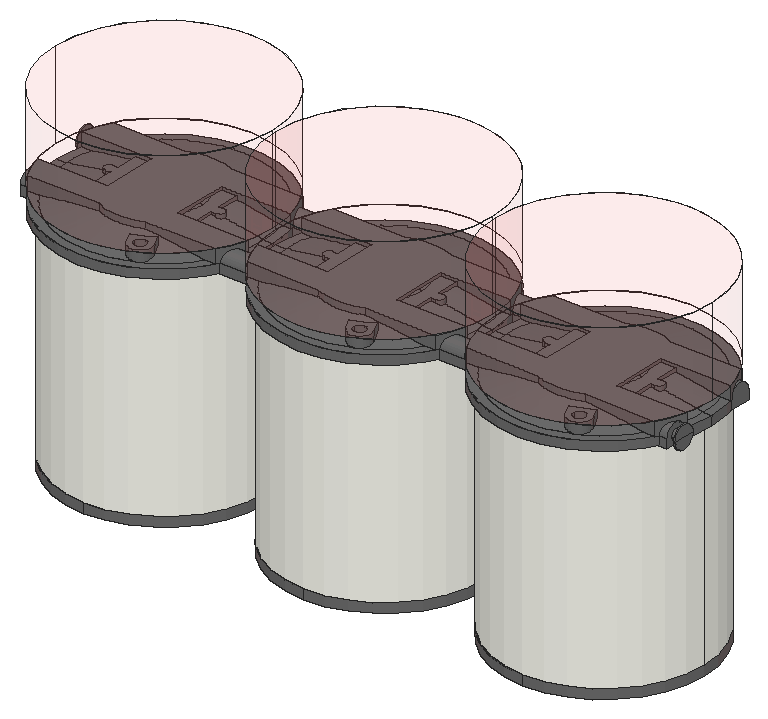
Revit family (continued)
Definition of nested family "Cooling_Plant_Accessories-Calmac-IceBank-Lid_C"
  Dimensions and locks (in)
    "Insulation Length Right": plane 3 "Center (Left/Right)" to plane 60 "Insulation - Right"
    locked: plane 62 "Flange Left" to plane 29 "Left" at 1.69899
    radius of Extrusion 4 sketch curve = 2 15/32"
    radius of Extrusion 4 sketch curve = 31.11"
    radius of Extrusion 4 sketch curve = 4.66"
    aligned and locked: plane 37 "Right" to Revolve 1 sketch curve
    aligned and locked: Revolve 1 sketch curve to plane 3 "Center (Left/Right)"  (x2)
    aligned and locked: plane 38 "Lid Inset Right" to Revolve 1 sketch curve
    aligned and locked: plane 43 "Top Right" to Revolve 1 sketch curve
    aligned and locked: Revolve 1 sketch curve to plane 2 "Bottom"
    aligned and locked: plane 2 "Bottom" to Revolve 1 sketch curve
    aligned and locked: Extrusion 2 sketch curve to plane 8 "Piping Back"  (x2)
    aligned and locked: Extrusion 2 sketch curve to plane 9 "Rigging Back"
    aligned and locked: plane 19 "Rigging Front" to Extrusion 2 sketch curve  (x2)
    aligned and locked: plane 18 "Piping Front" to Extrusion 2 sketch curve  (x2)
    aligned and locked: plane 1 "Center (Front/Back)" to Extrusion 2 sketch curve
    aligned and locked: plane 3 "Center (Left/Right)" to Extrusion 2 sketch curve  (x2)
    aligned and locked: Extrusion 2 sketch curve to plane 34 "Left Rigging Right"
    aligned and locked: plane 42 "Right Rigging Left" to Extrusion 2 sketch curve
    aligned and locked: plane 35 "Top Left" to Extrusion 2 sketch curve
    aligned and locked: plane 43 "Top Right" to Extrusion 2 sketch curve
    aligned and locked: plane 5 "Back Connector Back" to Extrusion 3 sketch curve
    aligned and locked: plane 17 "Front Connector Back" to Extrusion 3 sketch curve
    aligned and locked: plane 15 "Front Connection Front" to Extrusion 3 sketch curve
    aligned and locked: Extrusion 3 sketch curve to plane 17 "Front Connector Back"
    aligned and locked: Extrusion 3 sketch curve to plane 15 "Front Connection Front"
    aligned and locked: plane 2 "Bottom" to Extrusion 3 sketch curve  (x2)
    aligned: Extrusion 3 to plane 45 "Connection Sleeve Right"
    aligned: Extrusion 3 to plane 44 "Connection Sleeve Left"
    aligned and locked: Extrusion 5 sketch curve to plane 33 "Left Rigging Loop Right"  (x2)
    aligned and locked: Extrusion 5 sketch curve to plane 34 "Left Rigging Right"
    aligned and locked: Extrusion 5 sketch curve to plane 9 "Rigging Back"
    aligned and locked: plane 19 "Rigging Front" to Extrusion 5 sketch curve  (x2)
    aligned and locked: Extrusion 5 sketch curve to plane 10 "Rigging Loop Back"  (x2)
    aligned and locked: plane 20 "Rigging Loop Front" to Extrusion 5 sketch curve  (x2)
    aligned and locked: plane 42 "Right Rigging Left" to Extrusion 5 sketch curve
    aligned and locked: plane 41 "Right Rigging Loop Left" to Extrusion 5 sketch curve  (x2)
    aligned and locked: Masking region 1 sketch curve to plane 2 "Bottom"
    aligned and locked: Masking region 1 sketch curve to plane 29 "Left"
    aligned and locked: plane 37 "Right" to Masking region 1 sketch curve
    aligned and locked: plane 4 "Back" to Masking region 2 sketch curve
    aligned and locked: plane 2 "Bottom" to Masking region 2 sketch curve
    aligned and locked: Masking region 2 sketch curve to plane 14 "Front"
    aligned and locked: plane 11 "Top Back Edge" to Masking region 2 sketch curve  (x2)
    aligned and locked: Masking region 2 sketch curve to plane 21 "Top Front Edge"
    aligned and locked: plane 12 "Back Inset" to Masking region 2 sketch curve
    aligned and locked: plane 21 "Top Front Edge" to Masking region 2 sketch curve
    aligned and locked: Masking region 2 sketch curve to Masking region 2 sketch curve
    aligned and locked: plane 22 "Front Inset" to Masking region 2 sketch curve
    aligned and locked: curve 73 to Extrusion 3
    aligned and locked: plane 8 "Piping Back" to cut or joined group of Revolve 1, Extrusion 2, Extrusion 4, Extrusion 5
    aligned and locked: curve 79 to cut or joined group of Revolve 1, Extrusion 2, Extrusion 4, Extrusion 5
    aligned and locked: curve 83 to cut or joined group of Revolve 1, Extrusion 2, Extrusion 4, Extrusion 5
    aligned and locked: cut or joined group of Revolve 1, Extrusion 2, Extrusion 4, Extrusion 5 to curve 87
    aligned and locked: curve 88 to Extrusion 3
    aligned and locked: curve 89 to Extrusion 3
    aligned and locked: curve 91 to Masking region 2
    aligned and locked: cut or joined group of Revolve 1, Extrusion 2, Extrusion 4, Extrusion 5 to curve 96
    aligned and locked: curve 97 to cut or joined group of Revolve 1, Extrusion 2, Extrusion 4, Extrusion 5
    aligned and locked: cut or joined group of Revolve 1, Extrusion 2, Extrusion 4, Extrusion 5 to curve 99
    aligned and locked: curve 100 to cut or joined group of Revolve 1, Extrusion 2, Extrusion 4, Extrusion 5
    aligned and locked: curve 101 to cut or joined group of Revolve 1, Extrusion 2, Extrusion 4, Extrusion 5
    aligned and locked: cut or joined group of Revolve 1, Extrusion 2, Extrusion 4, Extrusion 5 to curve 102
    aligned and locked: cut or joined group of Revolve 1, Extrusion 2, Extrusion 4, Extrusion 5 to curve 109
    aligned and locked: curve 110 to cut or joined group of Revolve 1, Extrusion 2, Extrusion 4, Extrusion 5
    aligned and locked: curve 111 to cut or joined group of Revolve 1, Extrusion 2, Extrusion 4, Extrusion 5
    aligned and locked: curve 112 to cut or joined group of Revolve 1, Extrusion 2, Extrusion 4, Extrusion 5
    aligned and locked: curve 113 to cut or joined group of Revolve 1, Extrusion 2, Extrusion 4, Extrusion 5
    aligned and locked: curve 114 to cut or joined group of Revolve 1, Extrusion 2, Extrusion 4, Extrusion 5
    aligned and locked: curve 115 to cut or joined group of Revolve 1, Extrusion 2, Extrusion 4, Extrusion 5
    aligned and locked: curve 116 to cut or joined group of Revolve 1, Extrusion 2, Extrusion 4, Extrusion 5
    aligned and locked: curve 117 to cut or joined group of Revolve 1, Extrusion 2, Extrusion 4, Extrusion 5
    aligned and locked: curve 118 to cut or joined group of Revolve 1, Extrusion 2, Extrusion 4, Extrusion 5
    aligned and locked: curve 119 to cut or joined group of Revolve 1, Extrusion 2, Extrusion 4, Extrusion 5
    aligned and locked: curve 120 to cut or joined group of Revolve 1, Extrusion 2, Extrusion 4, Extrusion 5
    aligned and locked: curve 121 to cut or joined group of Revolve 1, Extrusion 2, Extrusion 4, Extrusion 5
    aligned and locked: curve 122 to cut or joined group of Revolve 1, Extrusion 2, Extrusion 4, Extrusion 5
    aligned and locked: curve 123 to cut or joined group of Revolve 1, Extrusion 2, Extrusion 4, Extrusion 5
    aligned and locked: curve 124 to cut or joined group of Revolve 1, Extrusion 2, Extrusion 4, Extrusion 5
    aligned and locked: curve 125 to cut or joined group of Revolve 1, Extrusion 2, Extrusion 4, Extrusion 5
    aligned and locked: curve 126 to cut or joined group of Revolve 1, Extrusion 2, Extrusion 4, Extrusion 5
    aligned and locked: curve 127 to cut or joined group of Revolve 1, Extrusion 2, Extrusion 4, Extrusion 5
    aligned and locked: curve 128 to cut or joined group of Revolve 1, Extrusion 2, Extrusion 4, Extrusion 5
    aligned and locked: curve 129 to cut or joined group of Revolve 1, Extrusion 2, Extrusion 4, Extrusion 5
    aligned and locked: curve 130 to cut or joined group of Revolve 1, Extrusion 2, Extrusion 4, Extrusion 5
    aligned and locked: curve 131 to cut or joined group of Revolve 1, Extrusion 2, Extrusion 4, Extrusion 5
    aligned and locked: curve 132 to cut or joined group of Revolve 1, Extrusion 2, Extrusion 4, Extrusion 5
    aligned and locked: curve 133 to cut or joined group of Revolve 1, Extrusion 2, Extrusion 4, Extrusion 5
    aligned and locked: curve 134 to cut or joined group of Revolve 1, Extrusion 2, Extrusion 4, Extrusion 5
    aligned and locked: curve 135 to cut or joined group of Revolve 1, Extrusion 2, Extrusion 4, Extrusion 5
    aligned and locked: curve 136 to cut or joined group of Revolve 1, Extrusion 2, Extrusion 4, Extrusion 5
    aligned and locked: curve 137 to cut or joined group of Revolve 1, Extrusion 2, Extrusion 4, Extrusion 5
    aligned and locked: curve 138 to cut or joined group of Revolve 1, Extrusion 2, Extrusion 4, Extrusion 5
    aligned and locked: cut or joined group of Revolve 1, Extrusion 2, Extrusion 4, Extrusion 5 to curve 139
    aligned and locked: curve 140 to cut or joined group of Revolve 1, Extrusion 2, Extrusion 4, Extrusion 5
    aligned and locked: curve 141 to cut or joined group of Revolve 1, Extrusion 2, Extrusion 4, Extrusion 5
    aligned and locked: cut or joined group of Revolve 1, Extrusion 2, Extrusion 4, Extrusion 5 to curve 142
    aligned and locked: curve 143 to cut or joined group of Revolve 1, Extrusion 2, Extrusion 4, Extrusion 5
    aligned and locked: curve 144 to cut or joined group of Revolve 1, Extrusion 2, Extrusion 4, Extrusion 5
    aligned and locked: curve 145 to cut or joined group of Revolve 1, Extrusion 2, Extrusion 4, Extrusion 5
    aligned and locked: curve 146 to cut or joined group of Revolve 1, Extrusion 2, Extrusion 4, Extrusion 5
    aligned and locked: curve 147 to cut or joined group of Revolve 1, Extrusion 2, Extrusion 4, Extrusion 5
    aligned and locked: curve 148 to cut or joined group of Revolve 1, Extrusion 2, Extrusion 4, Extrusion 5
    aligned and locked: curve 149 to cut or joined group of Revolve 1, Extrusion 2, Extrusion 4, Extrusion 5
    aligned and locked: curve 150 to cut or joined group of Revolve 1, Extrusion 2, Extrusion 4, Extrusion 5
    aligned and locked: curve 151 to cut or joined group of Revolve 1, Extrusion 2, Extrusion 4, Extrusion 5
    aligned and locked: curve 152 to cut or joined group of Revolve 1, Extrusion 2, Extrusion 4, Extrusion 5
    aligned and locked: curve 153 to cut or joined group of Revolve 1, Extrusion 2, Extrusion 4, Extrusion 5
    aligned and locked: curve 154 to cut or joined group of Revolve 1, Extrusion 2, Extrusion 4, Extrusion 5
    aligned and locked: curve 117 to curve 155
    aligned and locked: plane 19 "Rigging Front" to curve 156
    aligned and locked: plane 9 "Rigging Back" to curve 156
    aligned and locked: curve 111 to curve 157
    aligned and locked: plane 19 "Rigging Front" to curve 158
    aligned and locked: plane 9 "Rigging Back" to curve 158
    aligned and locked: plane 8 "Piping Back" to curve 157  (x2)
    aligned and locked: curve 159 to cut or joined group of Revolve 1, Extrusion 2, Extrusion 4, Extrusion 5
    aligned and locked: curve 160 to cut or joined group of Revolve 1, Extrusion 2, Extrusion 4, Extrusion 5
    aligned and locked: curve 161 to curve 159
    aligned and locked: curve 162 to curve 160
    aligned and locked: curve 163 to cut or joined group of Revolve 1, Extrusion 2, Extrusion 4, Extrusion 5
    aligned and locked: curve 164 to cut or joined group of Revolve 1, Extrusion 2, Extrusion 4, Extrusion 5
    aligned and locked: curve 165 to cut or joined group of Revolve 1, Extrusion 2, Extrusion 4, Extrusion 5
    aligned and locked: curve 166 to cut or joined group of Revolve 1, Extrusion 2, Extrusion 4, Extrusion 5
    aligned and locked: curve 167 to cut or joined group of Revolve 1, Extrusion 2, Extrusion 4, Extrusion 5
    aligned and locked: curve 168 to cut or joined group of Revolve 1, Extrusion 2, Extrusion 4, Extrusion 5
    aligned and locked: curve 169 to cut or joined group of Revolve 1, Extrusion 2, Extrusion 4, Extrusion 5
    aligned and locked: curve 170 to cut or joined group of Revolve 1, Extrusion 2, Extrusion 4, Extrusion 5
    aligned and locked: cut or joined group of Revolve 1, Extrusion 2, Extrusion 4, Extrusion 5 to curve 171
    aligned and locked: curve 172 to cut or joined group of Revolve 1, Extrusion 2, Extrusion 4, Extrusion 5
    aligned and locked: curve 173 to cut or joined group of Revolve 1, Extrusion 2, Extrusion 4, Extrusion 5
    aligned and locked: curve 174 to cut or joined group of Revolve 1, Extrusion 2, Extrusion 4, Extrusion 5
    aligned and locked: curve 175 to cut or joined group of Revolve 1, Extrusion 2, Extrusion 4, Extrusion 5
    aligned and locked: curve 176 to cut or joined group of Revolve 1, Extrusion 2, Extrusion 4, Extrusion 5
    aligned and locked: curve 177 to cut or joined group of Revolve 1, Extrusion 2, Extrusion 4, Extrusion 5
    aligned and locked: curve 178 to cut or joined group of Revolve 1, Extrusion 2, Extrusion 4, Extrusion 5
    aligned and locked: curve 179 to cut or joined group of Revolve 1, Extrusion 2, Extrusion 4, Extrusion 5
    aligned and locked: curve 180 to cut or joined group of Revolve 1, Extrusion 2, Extrusion 4, Extrusion 5
    aligned and locked: cut or joined group of Revolve 1, Extrusion 2, Extrusion 4, Extrusion 5 to curve 181
    aligned and locked: cut or joined group of Revolve 1, Extrusion 2, Extrusion 4, Extrusion 5 to curve 182
    aligned and locked: cut or joined group of Revolve 1, Extrusion 2, Extrusion 4, Extrusion 5 to curve 183
    aligned and locked: cut or joined group of Revolve 1, Extrusion 2, Extrusion 4, Extrusion 5 to curve 184
    aligned and locked: curve 185 to cut or joined group of Revolve 1, Extrusion 2, Extrusion 4, Extrusion 5
    aligned and locked: cut or joined group of Revolve 1, Extrusion 2, Extrusion 4, Extrusion 5 to curve 186
    aligned and locked: curve 187 to cut or joined group of Revolve 1, Extrusion 2, Extrusion 4, Extrusion 5
    aligned and locked: cut or joined group of Revolve 1, Extrusion 2, Extrusion 4, Extrusion 5 to curve 188
    aligned and locked: plane 6 "Back Connector Center" to nested 4
    aligned: nested 4 to plane 44 "Connection Sleeve Left"
    aligned and locked: nested 1 to plane 6 "Back Connector Center"
    aligned: nested 1 to plane 45 "Connection Sleeve Right"
    aligned and locked: plane 16 "Fron Connector Center" to nested 2
    aligned: nested 2 to plane 45 "Connection Sleeve Right"
    aligned and locked: nested 3 to plane 16 "Fron Connector Center"
    aligned: nested 3 to plane 44 "Connection Sleeve Left"
    aligned and locked: plane 2 "Bottom" to curve 191
    aligned and locked: plane 1 "Center (Front/Back)" to curve 191
    aligned and locked: plane 3 "Center (Left/Right)" to nested 5
    aligned and locked: plane 1 "Center (Front/Back)" to nested 5
    aligned: plane 54 "Top of Clearance Box" to nested 5
    aligned: plane 55 "Top" to nested 5  (x4)
    aligned and locked: Masking region 1 to plane 55 "Top"
    aligned and locked: plane 57 "Center (Elevation)" to Extrusion 3 sketch curve  (x4)
    aligned and locked: plane 7 "Back Connector Front" to Extrusion 3 sketch curve
    aligned and locked: plane 55 "Top" to cut or joined group of Revolve 1, Extrusion 2, Extrusion 4, Extrusion 5
    aligned and locked: plane 57 "Center (Elevation)" to curve 162
    aligned and locked: cut or joined group of Revolve 1, Extrusion 2, Extrusion 4, Extrusion 5 to plane 57 "Center (Elevation)"
    aligned: plane 57 "Center (Elevation)" to nested 1  (x2)
    aligned: plane 57 "Center (Elevation)" to nested 2  (x2)
    aligned and locked: plane 57 "Center (Elevation)" to cut or joined group of Revolve 1, Extrusion 2, Extrusion 4, Extrusion 5  (x5)
    aligned and locked: curve 161 to plane 57 "Center (Elevation)"
    aligned: plane 57 "Center (Elevation)" to nested 3
    aligned: Masking region 2 to plane 55 "Top"
    aligned: plane 56 "Connector Channel Top" to Masking region 2
    aligned and locked: plane 21 "Top Front Edge" to Masking region 2
    aligned and locked: plane 58 "Front Inset 2" to Masking region 2
    aligned and locked: plane 57 "Center (Elevation)" to curve 78
    aligned and locked: curve 163 to plane 57 "Center (Elevation)"
    aligned and locked: curve 77 to plane 8 "Piping Back"
    aligned and locked: plane 9 "Rigging Back" to curve 86
    aligned and locked: plane 19 "Rigging Front" to curve 80
    aligned and locked: curve 95 to plane 18 "Piping Front"
    aligned and locked: curve 84 to plane 10 "Rigging Loop Back"
    aligned and locked: curve 82 to plane 20 "Rigging Loop Front"
    aligned and locked: cut or joined group of Revolve 1, Extrusion 2, Extrusion 4, Extrusion 5 to plane 56 "Connector Channel Top"
    aligned and locked: nested 5 to plane 54 "Top of Clearance Box"
    aligned and locked: plane 57 "Center (Elevation)" to nested 1
    aligned and locked: plane 57 "Center (Elevation)" to nested 2
    aligned and locked: plane 57 "Center (Elevation)" to nested 3
    aligned and locked: plane 55 "Top" to nested 5  (x6)
    aligned and locked: plane 54 "Top of Clearance Box" to nested 5  (x4)
    aligned and locked: Masking region 2 sketch curve to plane 55 "Top"
    aligned and locked: plane 56 "Connector Channel Top" to Masking region 2 sketch curve
    aligned and locked: curve 192 to curve 177
    aligned and locked: curve 193 to curve 176
    aligned and locked: curve 194 to curve 175
    aligned and locked: curve 195 to curve 174
    aligned and locked: curve 196 to curve 173
    aligned and locked: curve 197 to curve 172
    aligned and locked: curve 198 to curve 171
    aligned and locked: curve 199 to curve 170
    aligned and locked: curve 200 to curve 169
    aligned and locked: curve 201 to curve 180
    aligned and locked: curve 202 to curve 179
    aligned and locked: curve 203 to curve 178
    aligned and locked: curve 204 to curve 162
    aligned and locked: curve 205 to curve 161
    aligned and locked: Extrusion 3 to plane 60 "Insulation - Right"
    aligned and locked: Extrusion 3 to plane 61 "Insulation - Left"
    aligned and locked: plane 7 "Back Connector Front" to Masking region 4 sketch curve
    aligned and locked: Masking region 4 sketch curve to plane 5 "Back Connector Back"
    aligned and locked: plane 17 "Front Connector Back" to Masking region 4 sketch curve
    aligned and locked: Masking region 4 sketch curve to plane 15 "Front Connection Front"
    aligned and locked: plane 61 "Insulation - Left" to Masking region 4 sketch curve  (x2)
    aligned and locked: plane 60 "Insulation - Right" to Masking region 4 sketch curve  (x2)
    aligned and locked: nested 4 to plane 61 "Insulation - Left"
    aligned and locked: nested 3 to plane 61 "Insulation - Left"
    aligned and locked: nested 1 to plane 60 "Insulation - Right"
    aligned and locked: nested 2 to plane 60 "Insulation - Right"
    aligned and locked: plane 61 "Insulation - Left" to Masking region 5 sketch curve
    aligned and locked: plane 56 "Connector Channel Top" to Masking region 5 sketch curve
    aligned and locked: plane 2 "Bottom" to Masking region 5 sketch curve
    aligned and locked: plane 60 "Insulation - Right" to Masking region 5 sketch curve
    aligned and locked: plane 2 "Bottom" to curve 213
    aligned and locked: curve 213 to plane 60 "Insulation - Right"
    aligned and locked: curve 208 to plane 61 "Insulation - Left"
    aligned and locked: plane 2 "Bottom" to curve 208
    aligned and locked: plane 62 "Flange Left" to nested 4
  Automatic sketch dimensions
    Extrusion 4 sketch curve to Extrusion 4 sketch curve = 0"
    Extrusion 5 sketch curve to plane 9 "Rigging Back" = 0"
    Extrusion 2 sketch curve to Extrusion 2 sketch curve = 0"  (x5)
    Extrusion 2 sketch curve to plane 35 "Top Left" = 0"
    Extrusion 2 sketch curve to plane 3 "Center (Left/Right)" = 0"
    Extrusion 2 sketch curve to plane 9 "Rigging Back" = 0"
    plane 30 "Left Lip Inset" to Extrusion 2 sketch curve = 1.96722"  (x2)
    plane 38 "Lid Inset Right" to Extrusion 2 sketch curve = 1.96722"  (x2)
    Extrusion 2 sketch curve to plane 20 "Rigging Loop Front" = 0.60261"
    Extrusion 2 sketch curve to plane 10 "Rigging Loop Back" = 0.60261"
    Masking region 2 sketch curve to plane 27 "Pad Eye Front Center" = 0.69072"
    Revolve 1 sketch curve to Revolve 1 sketch curve = 3 3/4"
    Revolve 1 sketch curve to Revolve 1 sketch curve = 9"
    Revolve 1 sketch curve to Revolve 1 sketch curve = 0"
    Masking region 1 sketch curve to Masking region 1 sketch curve = 9 1/4"
    Masking region 2 sketch curve to plane 22 "Front Inset" = 0"
    Masking region 2 sketch curve to Masking region 2 sketch curve = 3 3/4"
    Masking region 2 sketch curve to Masking region 2 sketch curve = 0.64281"
    level to Masking region 2 sketch curve = 6.26888"
    level to Masking region 2 sketch curve = 6.54801"
    Masking region 2 sketch curve to Masking region 2 sketch curve = 0.27913"
    Masking region 2 sketch curve to Masking region 2 sketch curve = 3.60719"
    curve 99 to plane 50 "Top Left Inset" = 0"
    curve 98 to plane 3 "Center (Left/Right)" = 0"
    curve 100 to plane 56 "Connector Channel Top" = 0"
    plane 43 "Top Right" to curve 102 = 0"
    plane 51 "Top Right Inset" to curve 109 = 0"
    curve 99 to plane 55 "Top" = 0"
    curve 109 to plane 55 "Top" = 0"
    plane 50 "Top Left Inset" to curve 110 = 4.45635"
    curve 98 to plane 32 "Left Rigging Loop Inset" = 1.17979"
    plane 35 "Top Left" to curve 98 = 0"
    plane 43 "Top Right" to curve 98 = 0.20898"
    plane 57 "Center (Elevation)" to curve 105 = 0.73854"
    curve 105 to plane 43 "Top Right" = 2.02375"
    plane 46 "Right Center" to curve 105 = 0.99812"
    plane 46 "Right Center" to curve 105 = 0.88046"
    curve 107 to plane 46 "Right Center" = 0.34333"
    plane 41 "Right Rigging Loop Left" to curve 106 = 0.48196"
    curve 106 to curve 106 = 0.0769"
    plane 41 "Right Rigging Loop Left" to curve 101 = 0.25712"
    curve 108 to curve 97 = 5.53004"
    plane 57 "Center (Elevation)" to curve 106 = 0.21408"
    plane 57 "Center (Elevation)" to curve 100 = 1.59188"
    curve 103 to curve 108 = 1.3737"
    curve 100 to curve 98 = 1.22618"
    level to curve 110 = 6.56901"
    curve 188 to plane 18 "Piping Front" = 0"
    curve 188 to plane 57 "Center (Elevation)" = 0"
    curve 188 to plane 55 "Top" = 0"
    curve 187 to plane 57 "Center (Elevation)" = 0.14855"
    curve 187 to plane 8 "Piping Back" = 0"
    curve 187 to plane 55 "Top" = 0"
    curve 186 to plane 18 "Piping Front" = 0"
    curve 185 to plane 8 "Piping Back" = 0"
    curve 185 to plane 57 "Center (Elevation)" = 0"
    curve 185 to plane 55 "Top" = 0"
    curve 186 to plane 57 "Center (Elevation)" = 0"
    curve 186 to plane 55 "Top" = 0.21345"
    curve 112 to curve 116 = 0"  (x2)
    curve 112 to curve 120 = 0"  (x2)
    curve 112 to curve 124 = 0"  (x2)
    curve 112 to curve 130 = 0"  (x2)
    curve 112 to curve 131 = 0"
    curve 112 to curve 145 = 0"
    curve 112 to curve 146 = 0"  (x2)
    curve 112 to curve 156 = 0"  (x2)
    curve 112 to curve 158 = 0"  (x2)
    curve 112 to curve 161 = 0"  (x2)
    curve 112 to curve 163 = 0"  (x2)
    curve 112 to curve 164 = 0"  (x2)
    curve 112 to curve 165 = 0"  (x2)
    curve 112 to curve 166 = 0"
    curve 112 to curve 167 = 0"  (x2)
    curve 112 to curve 168 = 0"
    curve 118 to curve 176 = 0"  (x2)
    curve 126 to curve 170 = 0"
    curve 151 to curve 153 = 0"
    curve 151 to curve 154 = 0"
    curve 123 to plane 52 "Right Side Chanel" = 0"
    curve 121 to plane 52 "Right Side Chanel" = 0"
    curve 168 to plane 38 "Lid Inset Right" = 0"
    plane 20 "Rigging Loop Front" to curve 135 = 0"
    plane 1 "Center (Front/Back)" to curve 136 = 0"
    curve 133 to plane 41 "Right Rigging Loop Left" = 0"
    curve 137 to plane 41 "Right Rigging Loop Left" = 0"
    curve 179 to plane 42 "Right Rigging Left" = 0"
    curve 118 to plane 43 "Top Right" = 0"
    curve 125 to plane 43 "Top Right" = 0"
    plane 18 "Piping Front" to curve 176 = 0"
    curve 176 to plane 43 "Top Right" = 0"
    curve 155 to plane 3 "Center (Left/Right)" = 0"
    curve 176 to plane 3 "Center (Left/Right)" = 0"
    curve 170 to plane 3 "Center (Left/Right)" = 0"
    curve 157 to plane 3 "Center (Left/Right)" = 0"
    plane 18 "Piping Front" to curve 117 = 0"
    curve 113 to plane 34 "Left Rigging Right" = 0"
    curve 143 to plane 33 "Left Rigging Loop Right" = 0"
    curve 148 to plane 33 "Left Rigging Loop Right" = 0"
    curve 140 to plane 10 "Rigging Loop Back" = 0"
    plane 1 "Center (Front/Back)" to curve 140 = 0"
    curve 112 to plane 50 "Top Left Inset" = 0"
    curve 116 to plane 50 "Top Left Inset" = 0"
    curve 166 to plane 30 "Left Lip Inset" = 0"
    curve 158 to curve 168 = 0"
    curve 120 to curve 164 = 4.45635"
    curve 155 to curve 164 = 0"
    plane 51 "Top Right Inset" to curve 163 = 4.45635"
    curve 157 to curve 163 = 0"
    curve 135 to plane 40 "Right Rigging Loop Inset" = 1.25367"
    curve 151 to plane 24 "Pad Eye Back Left Offset" = 0.24397"
    plane 41 "Right Rigging Loop Left" to curve 151 = 0.73123"
    curve 153 to plane 46 "Right Center" = 0.40154"
    plane 46 "Right Center" to curve 152 = 0.11395"
    curve 151 to plane 42 "Right Rigging Left" = 1.55753"
    curve 131 to plane 42 "Right Rigging Left" = 1.24396"
    plane 25 "Pad Eye Hole" to curve 151 = 0.41045"
    plane 42 "Right Rigging Left" to curve 151 = 2.62837"
    plane 26 "Pad Eye Back Left" to curve 150 = 0.04987"
    plane 43 "Top Right" to curve 150 = 0.20898"
    plane 43 "Top Right" to curve 169 = 0.88239"
    plane 1 "Center (Front/Back)" to curve 149 = 0.00093"
    plane 3 "Center (Left/Right)" to curve 149 = 0.00344"
    curve 146 to plane 34 "Left Rigging Right" = 1.24396"
    curve 140 to plane 32 "Left Rigging Loop Inset" = 1.24992"
    curve 156 to curve 165 = 0"
    curve 170 to plane 10 "Rigging Loop Back" = 0.60261"
    curve 157 to plane 1 "Center (Front/Back)" = 0.00493"
    curve 149 to curve 155 = 0.03088"
    curve 118 to plane 20 "Rigging Loop Front" = 0.60261"
    curve 184 to plane 19 "Rigging Front" = 0"
    curve 183 to plane 9 "Rigging Back" = 0"
    curve 184 to plane 57 "Center (Elevation)" = 0"
    curve 183 to plane 57 "Center (Elevation)" = 0"
    curve 184 to plane 55 "Top" = 0"
    curve 183 to plane 55 "Top" = 0"
    curve 182 to plane 57 "Center (Elevation)" = 0"
    curve 182 to plane 55 "Top" = 0"
    curve 181 to plane 9 "Rigging Back" = 0"
    curve 181 to plane 57 "Center (Elevation)" = 0"
    curve 181 to plane 55 "Top" = 0"
    curve 182 to plane 19 "Rigging Front" = 0"
    curve 92 to plane 21 "Top Front Edge" = 0"
    curve 76 to plane 11 "Top Back Edge" = 0"
    curve 78 to plane 12 "Back Inset" = 0"
    level to curve 74 = 0"
    level to curve 89 = 0"
    level to curve 90 = 0"
    level to curve 75 = 0"
    plane 56 "Connector Channel Top" to curve 81 = 0"
    plane 56 "Connector Channel Top" to curve 85 = 0"
    curve 80 to plane 55 "Top" = 0"
    curve 77 to plane 55 "Top" = 0"
    curve 191 to plane 55 "Top" = 0"
    curve 86 to plane 55 "Top" = 0"
    curve 95 to plane 55 "Top" = 0"
    plane 23 "Pad Eye Back Right" to curve 91 = 0.21387"
    curve 91 to plane 58 "Front Inset 2" = 0.00052"
    plane 22 "Front Inset" to curve 96 = 0.00227"
    plane 18 "Piping Front" to curve 92 = 0.02422"
    curve 93 to plane 20 "Rigging Loop Front" = 0.00136"
    plane 1 "Center (Front/Back)" to curve 94 = 0.0138"
    plane 1 "Center (Front/Back)" to curve 94 = 0.00177"
    curve 93 to plane 1 "Center (Front/Back)" = 0.01386"
    curve 94 to plane 10 "Rigging Loop Back" = 0.00136"
    curve 76 to plane 8 "Piping Back" = 0.00969"
    plane 56 "Connector Channel Top" to curve 93 = 1.56605"
    plane 56 "Connector Channel Top" to curve 76 = 1.45199"
    plane 56 "Connector Channel Top" to curve 92 = 1.45199"
    curve 94 to curve 93 = 0.32132"
    curve 94 to curve 83 = 0.34177"
    curve 94 to curve 84 = 0.00054"
    curve 94 to curve 94 = 0.00054"
    curve 82 to curve 93 = 0.00002"
    curve 93 to curve 93 = 0.00002"
    curve 16 to curve 157 = 1.61517"
    curve 18 to curve 18 = 0.6236"
    curve 17 to plane 11 "Top Back Edge" = 1.60052"
    curve 18 to curve 17 = 0.6236"
    curve 18 to curve 16 = 1.56427"
    curve 16 to curve 17 = 1.24719"
    curve 18 to curve 17 = 0.78196"
    curve 17 to curve 17 = 1.24746"
    curve 16 to curve 17 = 1.56393"
    curve 15 to plane 31 "Left Rigging Loop Left" = 0.92879"
    curve 15 to curve 15 = 0.78196"
    curve 15 to curve 13 = 1.24746"
    curve 15 to curve 14 = 0.78196"
    curve 13 to curve 14 = 1.56393"
    curve 14 to curve 16 = 5.29454"
    curve 15 to curve 14 = 0.6236"
    curve 14 to curve 14 = 1.56427"
    curve 13 to curve 14 = 1.24719"
    plane 1 "Center (Front/Back)" to curve 60 = 0"
    curve 1 to plane 47 "Bolt Inset Right" = 0"
    curve 41 to plane 14 "Front" = 0"
    curve 41 to plane 47 "Bolt Inset Right" = 0"
    curve 42 to plane 3 "Center (Left/Right)" = 0"
    curve 2 to plane 48 "Bolt Inset Left" = 0"
    plane 1 "Center (Front/Back)" to curve 24 = 0"
    plane 4 "Back" to curve 2 = 0"
    plane 4 "Back" to curve 1 = 0"
    plane 49 "Bolt Inset Center" to curve 3 = 0"
    curve 40 to plane 14 "Front" = 0"
    curve 58 to plane 37 "Right" = 0.00227"
    curve 59 to plane 37 "Right" = 0.00227"
    curve 61 to plane 52 "Right Side Chanel" = 0.5656"
    curve 56 to plane 52 "Right Side Chanel" = 0.5656"
    curve 55 to plane 52 "Right Side Chanel" = 0.12048"
    curve 62 to plane 52 "Right Side Chanel" = 0.12048"
    plane 45 "Connection Sleeve Right" to curve 60 = 0.26851"
    curve 56 to plane 38 "Lid Inset Right" = 0.97814"
    curve 63 to plane 38 "Lid Inset Right" = 0.97814"
    curve 63 to plane 38 "Lid Inset Right" = 0.75558"
    curve 57 to plane 38 "Lid Inset Right" = 0.75558"
    curve 62 to plane 38 "Lid Inset Right" = 0.53302"
    curve 55 to plane 38 "Lid Inset Right" = 0.53302"
    curve 53 to plane 23 "Pad Eye Back Right" = 1.03206"
    plane 51 "Top Right Inset" to curve 53 = 3.26006"
    plane 51 "Top Right Inset" to curve 64 = 3.26006"
    plane 26 "Pad Eye Back Left" to curve 52 = 1.31658"
    curve 53 to curve 52 = 1.24719"
    curve 64 to curve 65 = 1.24719"
    curve 64 to curve 66 = 1.56427"
    curve 64 to plane 11 "Top Back Edge" = 1.60052"
    plane 23 "Pad Eye Back Right" to curve 53 = 0.21541"
    curve 53 to curve 53 = 1.56427"
    curve 53 to curve 54 = 0.6236"
    curve 66 to curve 66 = 0.6236"  (x2)
    curve 54 to curve 52 = 0.6236"
    curve 67 to plane 39 "Right Rigging Loop Right" = 3.74019"
    plane 25 "Pad Eye Hole" to curve 50 = 0.6295"
    curve 50 to plane 39 "Right Rigging Loop Right" = 3.74019"
    curve 67 to curve 67 = 1.24746"
    curve 50 to curve 50 = 1.24746"
    curve 49 to plane 25 "Pad Eye Hole" = 0.61769"
    curve 50 to curve 49 = 1.56393"
    curve 67 to curve 68 = 1.56393"
    curve 69 to curve 69 = 0.78196"
    curve 50 to curve 51 = 0.78196"
    curve 49 to plane 39 "Right Rigging Loop Right" = 0.92879"
    curve 69 to plane 39 "Right Rigging Loop Right" = 0.92879"
    plane 41 "Right Rigging Loop Left" to curve 47 = 0.54143"
    plane 41 "Right Rigging Loop Left" to curve 70 = 0.54143"
    plane 41 "Right Rigging Loop Left" to curve 48 = 1.40954"
    plane 41 "Right Rigging Loop Left" to curve 72 = 1.40954"
    curve 72 to plane 46 "Right Center" = 0.53926"
    curve 48 to plane 46 "Right Center" = 0.53926"
    plane 22 "Front Inset" to curve 46 = 0.13961"
    curve 46 to plane 46 "Right Center" = 0.50624"
    plane 12 "Back Inset" to curve 71 = 0.13961"
    curve 71 to plane 46 "Right Center" = 0.50624"
    plane 46 "Right Center" to curve 48 = 0.36187"
    plane 46 "Right Center" to curve 72 = 0.36187"
    curve 4 to plane 43 "Top Right" = 1.29276"
    curve 44 to plane 43 "Top Right" = 1.29276"
    curve 45 to plane 43 "Top Right" = 0.84755"
    plane 13 "Back Bolt Front" to curve 6 = 0.28224"
    curve 6 to plane 43 "Top Right" = 0.84755"
    plane 43 "Top Right" to curve 45 = 0.12755"
    plane 13 "Back Bolt Front" to curve 6 = 0.05968"
    plane 43 "Top Right" to curve 6 = 0.12755"
    plane 43 "Top Right" to curve 43 = 0.65743"
    plane 43 "Top Right" to curve 5 = 0.65743"
    curve 45 to curve 43 = 0.97509"
    curve 5 to plane 13 "Back Bolt Front" = 0.16288"
    curve 9 to plane 13 "Back Bolt Front" = 0.16288"
    plane 35 "Top Left" to curve 9 = 1.10264"
    plane 35 "Top Left" to curve 38 = 1.10264"
    plane 35 "Top Left" to curve 38 = 0.65743"
    plane 35 "Top Left" to curve 7 = 0.65743"
    plane 35 "Top Left" to curve 39 = 0.12755"
    plane 13 "Back Bolt Front" to curve 9 = 0.05968"
    plane 35 "Top Left" to curve 9 = 0.12755"
    curve 39 to plane 22 "Front Inset" = 0.53076"
    curve 39 to plane 35 "Top Left" = 0.84755"
    plane 13 "Back Bolt Front" to curve 8 = 0.28224"
    curve 8 to plane 35 "Top Left" = 1.29276"
    curve 37 to plane 35 "Top Left" = 1.29276"
    plane 33 "Left Rigging Loop Right" to curve 36 = 3.21178"
    plane 33 "Left Rigging Loop Right" to curve 12 = 3.21178"
    plane 12 "Back Inset" to curve 10 = 0.13961"
    curve 10 to curve 10 = 0.8681"
    plane 22 "Front Inset" to curve 35 = 0.13961"
    curve 36 to curve 35 = 0.8681"
    curve 12 to curve 12 = 0.90112"
    curve 35 to curve 36 = 0.90112"
    curve 12 to curve 11 = 0.90112"
    curve 36 to plane 58 "Front Inset 2" = 0.83541"
    curve 36 to curve 36 = 0.90112"
    plane 33 "Left Rigging Loop Right" to curve 11 = 0.54143"
    plane 33 "Left Rigging Loop Right" to curve 34 = 0.54143"
    curve 32 to plane 31 "Left Rigging Loop Left" = 0.92879"
    curve 32 to curve 33 = 0.78196"
    curve 32 to plane 25 "Pad Eye Hole" = 0.61769"
    curve 33 to curve 32 = 1.24746"
    curve 33 to curve 33 = 0.78196"
    plane 25 "Pad Eye Hole" to curve 31 = 0.6295"
    curve 32 to curve 31 = 1.56393"
    curve 30 to curve 155 = 1.61517"
    curve 29 to plane 23 "Pad Eye Back Right" = 1.34852"
    curve 29 to curve 30 = 0.6236"
    plane 23 "Pad Eye Back Right" to curve 28 = 0.21541"
    curve 30 to curve 28 = 0.6236"
    plane 26 "Pad Eye Back Left" to curve 29 = 1.31658"
    curve 30 to curve 29 = 1.56427"
    curve 28 to plane 23 "Pad Eye Back Right" = 1.03206"
    curve 29 to curve 28 = 1.24719"
    curve 19 to plane 30 "Left Lip Inset" = 0.53302"
    curve 27 to plane 30 "Left Lip Inset" = 0.53302"
    curve 21 to plane 30 "Left Lip Inset" = 0.75558"
    curve 27 to plane 30 "Left Lip Inset" = 0.75558"
    curve 20 to plane 30 "Left Lip Inset" = 0.97814"
    curve 27 to plane 30 "Left Lip Inset" = 0.97814"
    plane 44 "Connection Sleeve Left" to curve 23 = 0.26851"
    curve 26 to plane 53 "Left Side Channel" = 0.12048"
    curve 19 to plane 53 "Left Side Channel" = 0.12048"
    curve 20 to plane 53 "Left Side Channel" = 0.5656"
    curve 25 to plane 53 "Left Side Channel" = 0.5656"
    curve 22 to plane 29 "Left" = 0.00227"
    curve 23 to plane 29 "Left" = 0.00227"
    plane 4 "Back" to curve 5 = 0.88851"
    plane 4 "Back" to curve 7 = 0.88851"
    curve 8 to plane 49 "Bolt Inset Center" = 0.66715"
    curve 4 to plane 49 "Bolt Inset Center" = 0.66715"
    plane 12 "Back Inset" to curve 11 = 1.00752"
    plane 12 "Back Inset" to curve 70 = 1.00752"
    plane 12 "Back Inset" to curve 10 = 1.94225"
    plane 12 "Back Inset" to curve 71 = 1.94225"
    curve 12 to curve 12 = 0.43396"
    curve 71 to curve 72 = 0.43396"
    plane 12 "Back Inset" to curve 68 = 5.22954"
    curve 68 to curve 67 = 1.24719"
    curve 68 to curve 68 = 1.56427"
    curve 68 to curve 69 = 0.6236"
    curve 65 to curve 64 = 2.81139"
    curve 65 to curve 64 = 1.56393"
    curve 65 to curve 66 = 0.78196"
    curve 19 to plane 9 "Rigging Back" = 0.41389"
    curve 62 to plane 9 "Rigging Back" = 0.41389"
    curve 21 to plane 9 "Rigging Back" = 0.85911"
    curve 62 to plane 9 "Rigging Back" = 0.85911"
    curve 62 to curve 63 = 0.97509"
    curve 21 to curve 21 = 0.97509"
    curve 62 to curve 61 = 1.95019"
    curve 19 to curve 20 = 1.95019"
    curve 59 to plane 10 "Rigging Loop Back" = 0.99983"
    curve 24 to plane 10 "Rigging Loop Back" = 0.99983"
    curve 25 to plane 19 "Rigging Front" = 2.80929"
    curve 56 to plane 19 "Rigging Front" = 2.80929"
    curve 57 to curve 56 = 0.44521"
    curve 25 to curve 25 = 0.44521"
    curve 56 to curve 57 = 0.97509"
    curve 27 to curve 27 = 0.97509"
    curve 26 to plane 19 "Rigging Front" = 0.41389"
    curve 55 to plane 19 "Rigging Front" = 0.41389"
    curve 54 to plane 23 "Pad Eye Back Right" = 0.56656"
    curve 33 to curve 31 = 1.56427"
    curve 51 to curve 50 = 1.56427"
    curve 50 to curve 51 = 0.6236"
    curve 33 to curve 33 = 0.6236"
    curve 48 to plane 58 "Front Inset 2" = 0.83541"
    curve 36 to curve 36 = 0.43396"
    curve 47 to curve 48 = 0.43396"
    plane 22 "Front Inset" to curve 47 = 1.00752"
    plane 22 "Front Inset" to curve 34 = 1.00752"
    curve 44 to plane 22 "Front Inset" = 0.53076"
    curve 39 to plane 22 "Front Inset" = 0.75332"
    curve 45 to plane 22 "Front Inset" = 0.75332"
    curve 40 to plane 22 "Front Inset" = 1.81422"
    plane 14 "Front" to curve 44 = 1.33363"
    plane 14 "Front" to curve 37 = 1.33363"
    plane 14 "Front" to curve 43 = 0.88851"
    plane 14 "Front" to curve 38 = 0.88851"
    curve 190 to plane 3 "Center (Left/Right)" = 0"
    curve 200 to curve 199 = 0.88239"
    curve 189 to plane 37 "Right" = 0"
    plane 1 "Center (Front/Back)" to curve 189 = 0"
    curve 189 to plane 29 "Left" = 0"
    curve 204 to curve 206 = 0"  (x2)
    curve 204 to curve 207 = 0"  (x2)
    curve 192 to plane 51 "Top Right Inset" = 0"
    plane 14 "Front" to curve 190 = 0.00227"
    curve 197 to plane 53 "Left Side Channel" = 0"
    plane 4 "Back" to curve 190 = 0.00227"
    plane 1 "Center (Front/Back)" to Masking region 3 sketch curve = 0"
    Masking region 3 sketch curve to plane 3 "Center (Left/Right)" = 0"
    curve 210 to curve 211 = 0.15401"
    curve 212 to curve 209 = 2.08906"
    curve 209 to curve 212 = 0.36274"
    curve 208 to curve 209 = 1 1/4"
    curve 208 to curve 211 = 0"
    curve 211 to curve 211 = 3 3/4"
    curve 211 to curve 210 = 1.76036"
    curve 210 to curve 209 = 0.06398"
    plane 60 "Insulation - Right" to curve 217 = 3.49307"
    curve 215 to curve 215 = 0.15401"
    curve 214 to curve 216 = 2.08906"
    curve 216 to curve 214 = 0.36274"
    curve 217 to curve 213 = 0"
    curve 217 to curve 217 = 3 3/4"
    curve 215 to curve 214 = 1.76036"
    curve 215 to curve 214 = 0.06398"
    radius of Masking region 3 sketch curve = 44.31273"
  Nested families (in)
    nested 1: "Cooling_Plant_Accessories-Calmac-IceBank-4-Inch Flanged Connection" at (42.59375, 16.5, 3.75), Pipe Material <- "Pipe Material", visible <- "Is Back Right Flanged Connector Visibility", type <- "Connections Front", type "Flange"
      with Pipe Material Plastic- Calmac- Black
    nested 2: "Cooling_Plant_Accessories-Calmac-IceBank-4-Inch Flanged Connection" at (42.59375, -16.5, 3.75), Pipe Material <- "Pipe Material", visible <- "Is Front Right  Flanged Connector Visibility", type <- "Connections Front", type "Flange"
      with Pipe Material Plastic- Calmac- Black
    nested 3: "Cooling_Plant_Accessories-Calmac-IceBank-4-Inch Flanged Connection" at (-42.59375, -16.5, 3.75) x (-1, 0, 0) z (0, 0, 1), Pipe Material <- "Pipe Material", visible <- "Is Front Left  Flanged Connector Visibility", type <- "Connections Rear", type "Flange"
      with Pipe Material Plastic- Calmac- Black
    nested 4: "Cooling_Plant_Accessories-Calmac-IceBank-4-Inch Flanged Connection" at (-42.59375, 16.5, 3.75) x (-1, 0, 0) z (0, 0, 1), Pipe Material <- "Pipe Material", visible <- "Is Back Left  Flanged Connector Visibility", type <- "Connections Rear", type "Flange"
      with Pipe Material Plastic- Calmac- Black
    nested 5: "Cooling_Plant_Accessories-Calmac-IceBankClearance Box" at (0, 0, 15.25), CTRL Radius <- "CTRL Radius", visible <- "Is Clearance Box Visible", type "Include Clearance"
      with Width 88 5/8", Height 36", Depth 88 5/8", CTRL Radius 44 5/16"
  Definition of nested family "Cooling_Plant_Accessories-Calmac-IceBank-4-Inch Flanged Connection"
    Parameters (values of type "Flange")
      Pipe Material [instance] = Default
      No Flange = not(Has Flange)  # no
      Has Flange = yes
    Types (3): name | Pipe Material | No Flange | Has Flange
      (no name) | Default | no | yes
      Flange | Default | no | yes
      No Flange | none | yes | no
    Reference planes (in)
      plane 1 "Center (Front/Back)": y = 0
      plane 2 "Center (Elevation)": z = 0
      plane 3 "Center (Left/Right)": x = 0
      plane 4 "Back": y = 4.5
      plane 5 "Back Face": x = 2.79297
      plane 6 "Base Back": y = 2.25
      plane 7 "Fase Back": y = 3
      plane 8 "Front": y = -4.5
      plane 9 "Base Front": y = -2.25
      plane 10 "Face Front": y = -3
      plane 11 "Face": x = 3.41797
      plane 12 "T.O. Flange": z = 4.5
      plane 13 "T.O. Pipe": z = 2.25
      plane 14 "B.O. Flange": z = -4.5
      plane 15 "B.O. Pipe": z = -2.25
    Forms (in)
      Revolve 1, solid, material "Default" <- "Pipe Material", visible <- "Has Flange", detail levels fine
        sketch origin (0, 0, 0) x (1, 0, 0) y (0, 1, 0)
          loop
            line (0, 2.25) -> (0, 0) -> (3.41797, 0) -> (3.41797, 4.5) -> (2.79297, 4.5) -> (2.79297, 2.25) -> (0, 2.25)
          axis (0, 0) -> (3.41797, 0)
        angle from 0 to 360
      Extrusion 2, solid, material "Default" <- "Pipe Material", visible <- "No Flange", detail levels fine
        sketch origin (3.41797, 0, 0) x (0, 1, 0) y (0, 0, 1)
          loop
            circle (0, 0) r 2.25
        from -3.41797 to 0
    Lines and regions (in)
      Masking region 1, detail levels fine
        outline origin (0, 0, 0) x (0, 1, 0) y (0, 0, 1)
          loop
            circle (0, 0) r 4.5
      Masking region 2, visible <- "Has Flange", detail levels fine
        outline origin (0, 0, 0) x (1, 0, 0) y (0, 0, 1)
          loop
            line (3.41797, 4.5) -> (2.79297, 4.5) -> (2.79297, 2.25) -> (0, 2.25) -> (0, -2.25) -> (2.79297, -2.25) -> (2.79297, -4.5) -> (3.41797, -4.5) -> (3.41797, 4.5)
      Masking region 3, visible <- "Has Flange", detail levels fine
        outline origin (0, 0, 0) x (1, 0, 0) y (0, 1, 0)
          loop
            line (0, 2.25) -> (0, -2.25) -> (2.79297, -2.25) -> (2.79297, -4.5) -> (3.41797, -4.5) -> (3.41797, 4.5) -> (2.79297, 4.5) -> (2.79297, 2.25) -> (0, 2.25)
      Masking region 4, visible <- "No Flange", detail levels fine
        outline origin (0, 0, 0) x (1, 0, 0) y (0, 1, 0)
          loop
            line (0, 2.25) -> (0, -2.25) -> (3.41797, -2.25) -> (3.41797, 2.25) -> (0, 2.25)
      Masking region 5, visible <- "No Flange"
        outline origin (0, 0, 0) x (1, 0, 0) y (0, 0, 1)
          loop
            line (0, 2.25) -> (0, -2.25) -> (3.41797, -2.25) -> (3.41797, 2.25) -> (0, 2.25)
      model lines, style "Piping", detail levels coarse+medium
        curve 1: line (0, 0, 0) -> (3.41797, 0, 0)
      model lines, style "Piping", visible <- "Has Flange", detail levels medium
        curve 2: arc (3.41797, -4.5, 0) -> (3.41797, 0, 4.5) -> (3.41797, 4.5, 0) r 4.5
        curve 3: arc (3.41797, 4.5, 0) -> (3.41797, 0, -4.5) -> (3.41797, -4.5, 0) r 4.5
      symbolic lines, detail levels coarse+medium
        curve 4: line (0, 0, 0) -> (3.41797, 0, 0)
        curve 5: line (0, 0, 0) -> (3.41797, 0, 0)
    Dimensions and locks (in)
      locked: plane 4 "Back" to plane 7 "Fase Back" at 1.5
      locked: plane 4 "Back" to plane 6 "Base Back" at 2.25
      locked: plane 8 "Front" to plane 10 "Face Front" at 1.5
      locked: plane 8 "Front" to plane 9 "Base Front" at 2.25
      locked: plane 1 "Center (Front/Back)" to plane 6 "Base Back" at 2.25
      locked: plane 9 "Base Front" to plane 1 "Center (Front/Back)" at 2.25
      locked: plane 3 "Center (Left/Right)" to plane 11 "Face" at 3.41797
      locked: plane 5 "Back Face" to plane 11 "Face" at 0.625
      locked: plane 2 "Center (Elevation)" to plane 14 "B.O. Flange" at 4.5
      locked: plane 2 "Center (Elevation)" to plane 15 "B.O. Pipe" at 2.25
      locked: plane 12 "T.O. Flange" to plane 2 "Center (Elevation)" at 4.5
      locked: plane 12 "T.O. Flange" to plane 13 "T.O. Pipe" at 2.25
      aligned and locked: Revolve 1 sketch curve to plane 3 "Center (Left/Right)"
      aligned and locked: Revolve 1 sketch curve to plane 5 "Back Face"
      aligned and locked: Revolve 1 sketch curve to plane 11 "Face"
      aligned and locked: Revolve 1 sketch curve to plane 1 "Center (Front/Back)"
      aligned and locked: Revolve 1 sketch curve to plane 4 "Back"
      aligned and locked: Revolve 1 sketch curve to plane 6 "Base Back"
      aligned and locked: plane 1 "Center (Front/Back)" to Revolve 1 sketch curve  (x2)
      aligned and locked: plane 3 "Center (Left/Right)" to Revolve 1 sketch curve
      aligned and locked: Masking region 1 sketch curve to Revolve 1  (x2)
      aligned and locked: Masking region 2 sketch curve to Revolve 1  (x3)
      aligned and locked: Masking region 2 sketch curve to plane 5 "Back Face"
      aligned and locked: Masking region 2 sketch curve to plane 3 "Center (Left/Right)"
      aligned and locked: Masking region 3 sketch curve to plane 3 "Center (Left/Right)"
      aligned and locked: Masking region 3 sketch curve to plane 4 "Back"
      aligned and locked: Masking region 3 sketch curve to plane 6 "Base Back"
      aligned and locked: plane 9 "Base Front" to Masking region 3 sketch curve
      aligned and locked: plane 8 "Front" to Masking region 3 sketch curve
      aligned and locked: Masking region 3 sketch curve to plane 11 "Face"
      aligned and locked: Masking region 3 sketch curve to plane 5 "Back Face"  (x2)
      aligned and locked: plane 1 "Center (Front/Back)" to curve 1
      aligned and locked: plane 3 "Center (Left/Right)" to curve 1
      aligned and locked: curve 2 to Revolve 1
      aligned and locked: curve 3 to Revolve 1
      aligned and locked: plane 11 "Face" to curve 1
      aligned and locked: plane 11 "Face" to curve 4
      aligned and locked: plane 3 "Center (Left/Right)" to curve 4
      aligned and locked: plane 1 "Center (Front/Back)" to curve 4
      aligned and locked: plane 11 "Face" to curve 5
      aligned and locked: plane 3 "Center (Left/Right)" to curve 5
      aligned and locked: curve 5 to plane 2 "Center (Elevation)"
      aligned and locked: Masking region 2 to plane 12 "T.O. Flange"
      aligned and locked: plane 13 "T.O. Pipe" to Masking region 2
      aligned and locked: plane 2 "Center (Elevation)" to curve 1
      aligned and locked: plane 15 "B.O. Pipe" to Masking region 2
      aligned and locked: Masking region 2 to plane 14 "B.O. Flange"
      aligned and locked: plane 1 "Center (Front/Back)" to Extrusion 2 sketch curve
      aligned and locked: plane 2 "Center (Elevation)" to Extrusion 2 sketch curve
      aligned and locked: Extrusion 2 to plane 3 "Center (Left/Right)"
      aligned and locked: plane 11 "Face" to Extrusion 2
      aligned and locked: Masking region 4 sketch curve to plane 9 "Base Front"
      aligned and locked: Masking region 4 sketch curve to plane 6 "Base Back"
      aligned and locked: plane 3 "Center (Left/Right)" to Masking region 4 sketch curve
      aligned and locked: Masking region 4 sketch curve to plane 11 "Face"
      aligned and locked: Masking region 5 sketch curve to plane 11 "Face"
      aligned and locked: plane 13 "T.O. Pipe" to Masking region 5 sketch curve
      aligned and locked: plane 3 "Center (Left/Right)" to Masking region 5 sketch curve
      aligned and locked: plane 15 "B.O. Pipe" to Masking region 5 sketch curve
  Definition of nested family "Cooling_Plant_Accessories-Calmac-IceBankClearance Box"
    Parameters (values of type "Include Clearance")
      Width [instance] = CTRL Radius * 2  # 89"
      Height [instance] = 36"
      Depth [instance] = Width  # 89"
      Clearance Material = Clearance
      CTRL Radius [instance] = 44 1/2"
      Assembly Code = ""
    Reference planes (in)
      plane 1 "Center (Front/Back)": y = 0
      plane 2 "Bottom": z = -6
      plane 3 "Center (Left/Right)": x = 0
      plane 4 "Top": z = 30
      plane 5 "Back": y = 44.5
      plane 6 "Left": x = -44.5
      plane 7 "Front": y = -44.5
      plane 8 "Right": x = 44.5
      plane 9 "Center (Elevation)": z = 12
    Forms (in)
      Extrusion 1, solid, material "Clearance" <- "Clearance Material"
        sketch origin (0, 0, 30) x (-1, 0, 0) y (0, -1, 0)
          loop
            circle (0, 0) r 44.5
        from -36 to 0
    Lines and regions (in)
      symbolic lines, style "Clearance"
        curve 1: line (-44.5, 0, 30) -> (44.5, 0, 30)
        curve 2: line (-44.5, 0, -6) -> (-44.5, 0, 30)
        curve 3: line (44.5, 0, -6) -> (-44.5, 0, -6)
        curve 4: line (44.5, 0, 30) -> (44.5, 0, -6)
        curve 5: line (0, -44.5, 30) -> (0, 44.5, 30)
        curve 6: line (0, -44.5, -6) -> (0, -44.5, 30)
        curve 7: line (0, 44.5, -6) -> (0, -44.5, -6)
        curve 8: line (0, 44.5, 30) -> (0, 44.5, -6)
        curve 9: circle (0, 0, 30) r 44.5 normal (0, 0, 1)
    Dimensions and locks (in)
      "Height": plane 4 "Top" to plane 2 "Bottom"
      "Depth": plane 5 "Back" to plane 7 "Front"
      "Width": plane 6 "Left" to plane 8 "Right"
      equal spacing: plane 6 "Left", plane 3 "Center (Left/Right)", plane 8 "Right"
      equal spacing: plane 5 "Back", plane 1 "Center (Front/Back)", plane 7 "Front"
      equal spacing: plane 4 "Top", plane 9 "Center (Elevation)", plane 2 "Bottom"
      "CTRL Radius": radius of Extrusion 1 sketch curve
      "CTRL Radius": radius of curve 9
      aligned: level to plane 2 "Bottom"
      aligned and locked: plane 3 "Center (Left/Right)" to Extrusion 1 sketch curve
      aligned and locked: plane 1 "Center (Front/Back)" to Extrusion 1 sketch curve
      aligned and locked: plane 3 "Center (Left/Right)" to curve 9
      aligned and locked: plane 1 "Center (Front/Back)" to curve 9
      aligned and locked: Extrusion 1 to plane 2 "Bottom"
      aligned and locked: plane 2 "Bottom" to curve 3
      aligned and locked: plane 2 "Bottom" to curve 7
      aligned and locked: plane 4 "Top" to Extrusion 1
      aligned and locked: curve 1 to plane 4 "Top"
      aligned and locked: curve 5 to plane 4 "Top"
      aligned and locked: curve 8 to plane 5 "Back"
      aligned and locked: curve 6 to plane 7 "Front"
      aligned and locked: curve 4 to plane 8 "Right"
      aligned and locked: curve 2 to plane 6 "Left"
